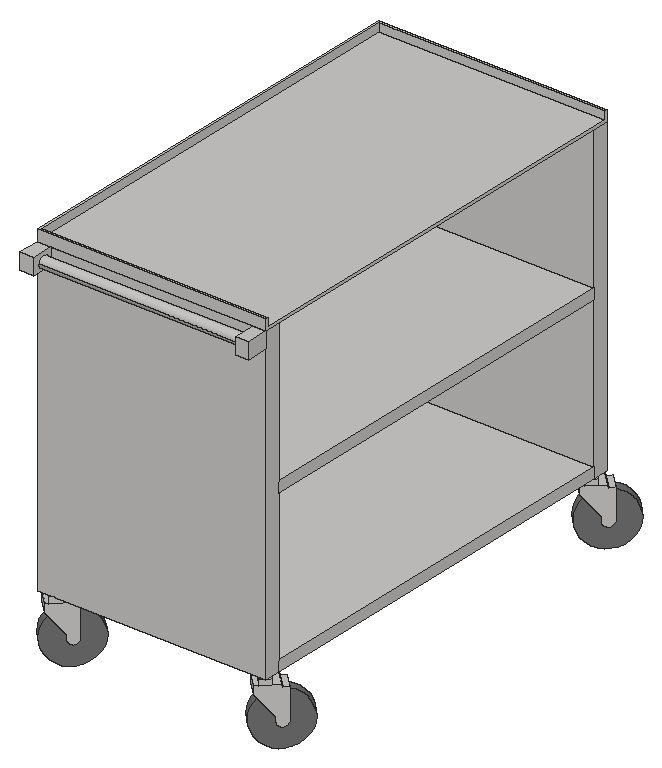
Revit family "QF_Vollrath_97182", category Specialty Equipment, Revit 2016
Family settings
  Part Type = Normal
  Round Connector Dimension = Use Diameter
  OmniClass Number = 23.40.40.14.17
  OmniClass Title = Food Cooking Equipment
  Work Plane-Based = No
  Always vertical = Yes
  Cut with Voids When Loaded = No
  Shared = No
  Room Calculation Point = No
Parameters (values of type "97182")
  Width [instance] = 21.00"
  Weight in Pounds = 75.35
  Watermarked By = "http://revitwatermark.com"
  URL Cutsheet = ""
  URL = ""
  Status [instance] = ""
  Specification by User [instance] = ""
  Specification by Manufacturer [instance] = ""
  Serial Number [instance] = ""
  Seismic Rating [instance] = ""
  Revision Code [instance] = ""
  NAFEM Spec ID Number [instance] = ""
  Model = "97181"
  Masterspec = ""
  Manufacturer = "Vollrath"
  Item Number [instance] = "-"
  Installed By [instance] = ""
  Identify Quantity as Lot [instance] = no
  Furnished By [instance] = ""
  Foodservice Equipment Identifier [instance] = yes
  Description = "Cart, Bussing"
  Depth [instance] = 39.25"
  CSI MasterFormat = "11 48 13"
  Assembly Code = "E1090320"
Reference planes (in)
  plane 1 "BACK": y = -5.12
  plane 2: z = 0
  plane 3 "LEFT": x = 0
  plane 4 "TOP": z = 35.77
  plane 5 "RIGHT": x = 21
  plane 6 "FRONT": y = -46.34
  plane 7: z = 6
  plane 8: z = 7
  plane 9: x = 1.5
  plane 10: y = -6.62
  plane 11: x = 19.5
  plane 12: y = -44.34
  plane 13: y = -25.73
  plane 14: z = 20.75
  plane 15: z = 34.77
  plane 16: y = -42.84
Forms (in)
  Extrusion 1, solid, material "QF_Finishes_Stainless Steel"
    sketch origin (0, 0, 16.75) x (-1, 0, 0) y (0, -1, 0)
      loop
        line (-21, 6.62) -> (-21, 5.12) -> (0, 5.12) -> (0, 44.34) -> (-21, 44.34) -> (-21, 42.84) -> (-1.5, 42.84) -> (-1.5, 6.62) -> (-21, 6.62)
    from -10.75 to 18.02
  Extrusion 2, solid, material "QF_Finishes_Stainless Steel"
    sketch origin (0, 0, 16.75) x (-1, 0, 0) y (0, -1, 0)
      loop
        line (-1.5, 6.62) -> (-1.5, 42.84) -> (-19.5, 42.84) -> (-21, 42.84) -> (-21, 6.62) -> (-19.5, 6.62) -> (-1.5, 6.62)
    from -10.75 to -9.75
  Extrusion 3, solid, material "QF_Finishes_Stainless Steel"
    sketch origin (0, -6.37, 0) x (0, 1, 0) y (0, 0, 1)
      loop
        line (-37.97, 33.27) -> (-37.97, 34.77) -> (-39.97, 34.77) -> (-39.97, 33.27) -> (-37.97, 33.27)
    from 0 to 1.27197
  Extrusion 4, solid, material "QF_Finishes_Stainless Steel"
    sketch origin (26.97803, -6.37, 0) x (0, 1, 0) y (0, 0, 1)
      loop
        line (-37.97, 33.27) -> (-37.97, 34.77) -> (-39.97, 34.77) -> (-39.97, 33.27) -> (-37.97, 33.27)
    from -7.08836 to -5.97803
  Extrusion 5, solid, material "QF_Finishes_Stainless Steel"
    sketch origin (0, -6.37, 0) x (0, 1, 0) y (0, 0, 1)
      loop
        circle (-38.94025, 34.00636) r 0.5
    from 1.27197 to 19.88967
  Extrusion 6, solid, material "QF_Finishes_Stainless Steel"
    sketch origin (0, 0, 31.5) x (-1, 0, 0) y (0, -1, 0)
      loop
        line (-1.5, 6.62) -> (-1.5, 42.84) -> (-19.5, 42.84) -> (-21, 42.84) -> (-21, 6.62) -> (-19.5, 6.62) -> (-1.5, 6.62)
    from -10.75 to -9.75
  Sweep 7, solid, material "QF_Finishes_Stainless Steel"
    path origin (0, 0, 0) x (1, 0, 0) y (0, 1, 0)
      loop
        line (21, -5.12) -> (0, -5.12) -> (0, -44.34) -> (21, -44.34)
    profile origin (10.5, -5.12, 0) x (0, -1, 0) y (0, 0, 1)
      loop
        line (1.5, 34.77) -> (1.5, 35.02) -> (0.25, 35.02) -> (0.25, 35.77) -> (0, 35.77) -> (0, 34.77) -> (1.5, 34.77)
  Extrusion 8, solid, material "QF_Finishes_Stainless Steel"
    sketch origin (0, 0, 16.75) x (-1, 0, 0) y (0, -1, 0)
      loop
        line (-1.5, 6.62) -> (-1.5, 42.84) -> (-21, 42.84) -> (-21, 6.62) -> (-1.5, 6.62)
    from 18.02 to 18.27
Cuts and joins
  joined: Sweep 7, Extrusion 8
Lines and regions (in)
  symbolic lines
    curve 1: line (0, -5.12, 16.75) -> (0, -44.34, 16.75)
    curve 2: line (21, -46.34, 16.75) -> (21, -5.12, 16.75)
    curve 3: line (0, -44.34, 16.75) -> (21, -44.34, 16.75)
    curve 4: line (21, -46.34, 16.75) -> (19.88967, -46.34, 16.75)
    curve 5: line (19.88967, -44.34, 16.75) -> (19.88967, -46.34, 16.75)
    curve 6: line (19.88967, -45.81025, 16.75) -> (1.27197, -45.81025, 16.75)
    curve 7: line (1.27197, -46.34, 16.75) -> (1.27197, -44.34, 16.75)
    curve 8: line (1.27197, -46.34, 16.75) -> (0, -46.34, 16.75)
    curve 9: line (0, -44.34, 16.75) -> (0, -46.34, 16.75)
    curve 10: line (1.27197, -44.84, 16.75) -> (19.88967, -44.84, 16.75)
    curve 11: line (21, -5.12, 16.75) -> (0, -5.12, 16.75)
Dimensions and locks (in)
  plane 4 "TOP" to level = 35.77"
  "Width": plane 3 "LEFT" to plane 5 "RIGHT"
  plane 10 to plane 1 "BACK" = 1.50"
  locked: plane 6 "FRONT" to plane 12 at 2
  plane 6 "FRONT" to plane 1 "BACK" = 41.22"
  equal spacing: plane 6 "FRONT", plane 13, plane 1 "BACK"
  plane 1 "BACK" to plane 6 "FRONT" = 41.22"
  plane 3 "LEFT" to plane 9 = 1.50"
  plane 11 to plane 5 "RIGHT" = 1.50"
  aligned and locked: level to plane 2
Automatic sketch dimensions
  Extrusion 2 sketch curve to plane 5 "RIGHT" = 0.00"
  plane 1 "BACK" to Extrusion 2 sketch curve = 1.50"
  Extrusion 2 sketch curve to plane 11 = 0.00"  (x4)
  Extrusion 2 sketch curve to plane 9 = 0.00"  (x2)
  plane 3 "LEFT" to Extrusion 2 sketch curve = 1.50"
  plane 10 to Extrusion 2 sketch curve = 0.00"  (x2)
  Extrusion 2 sketch curve to plane 12 = 1.50"  (x2)
  Extrusion 3 sketch curve to plane 6 "FRONT" = 0.00"
  Extrusion 3 sketch curve to plane 12 = 0.00"
  Extrusion 3 sketch curve to plane 4 "TOP" = 2.50"
  Extrusion 3 sketch curve to plane 4 "TOP" = 1.00"
  Extrusion 4 sketch curve to plane 6 "FRONT" = 0.00"
  Extrusion 4 sketch curve to plane 12 = 0.00"
  Extrusion 4 sketch curve to plane 4 "TOP" = 2.50"
  Extrusion 4 sketch curve to plane 4 "TOP" = 1.00"
  plane 12 to Extrusion 5 sketch curve = 0.97025"
  Extrusion 5 sketch curve to plane 4 "TOP" = 1.76364"
  Extrusion 6 sketch curve to plane 5 "RIGHT" = 0.00"
  plane 1 "BACK" to Extrusion 6 sketch curve = 1.50"
  Extrusion 6 sketch curve to plane 11 = 0.00"  (x4)
  Extrusion 6 sketch curve to plane 9 = 0.00"  (x2)
  plane 3 "LEFT" to Extrusion 6 sketch curve = 1.50"
  plane 10 to Extrusion 6 sketch curve = 0.00"  (x2)
  Extrusion 6 sketch curve to plane 12 = 1.50"  (x2)
  plane 1 "BACK" to Sweep 7 sketch curve = 0.00"
  Sweep 7 sketch curve to plane 3 "LEFT" = 0.00"
  Sweep 7 sketch curve to plane 5 "RIGHT" = 0.00"  (x2)
  plane 12 to Sweep 7 sketch curve = 0.00"
  Sweep 7 sketch curve to profile plane = 0.00"
  Sweep 7 sketch curve to Sweep 7 sketch curve = 0.25"  (x2)
  Sweep 7 sketch curve to Sweep 7 sketch curve = 1.25"
  level to Sweep 7 sketch curve = 34.77"
  Sweep 7 sketch curve to Sweep 7 sketch curve = 0.75"
  curve 4 to plane 5 "RIGHT" = 0.00"
  plane 6 "FRONT" to curve 5 = 0.00"
  plane 12 to curve 5 = 0.00"
  plane 6 "FRONT" to curve 8 = 0.00"
  curve 8 to plane 3 "LEFT" = 0.00"
  plane 11 to curve 5 = 0.38967"
  curve 8 to plane 9 = 0.22803"
  curve 7 to curve 10 = 0.50"
  curve 6 to plane 6 "FRONT" = 0.52975"
  Extrusion 8 sketch curve to plane 5 "RIGHT" = 0.00"
  Extrusion 8 sketch curve to plane 9 = 0.00"
  plane 10 to Extrusion 8 sketch curve = 0.00"
  Extrusion 8 sketch curve to plane 12 = 1.50"
  Extrusion 1 sketch curve to plane 5 "RIGHT" = 0.00"  (x2)
  Extrusion 1 sketch curve to plane 9 = 0.00"
  plane 1 "BACK" to Extrusion 1 sketch curve = 0.00"
  Extrusion 1 sketch curve to plane 3 "LEFT" = 0.00"
  plane 10 to Extrusion 1 sketch curve = 0.00"
  plane 12 to Extrusion 1 sketch curve = 0.00"
  Extrusion 1 sketch curve to plane 12 = 1.50"
  Extrusion 6 sketch curve to plane 16 = 0.00"
  Extrusion 2 sketch curve to plane 16 = 0.00"
  plane 1 "BACK" to curve 2 = 0.00"
  radius of Extrusion 5 sketch curve = 0.50"
Nested families (in)
  nested 1: "FESCaster" at (1, -6.12, 0), type "FESCaster"
    with Height 6.00", Caster Radius 2.50"
  nested 2: "FESCaster" at (20.25, -6.12, 0), type "FESCaster"
    with Height 6.00", Caster Radius 2.50"
  nested 3: "FESCaster" at (20.25, -43.59, 0), type "FESCaster"
    with Height 6.00", Caster Radius 2.50"
  nested 4: "FESCaster" at (1, -43.59, 0), type "FESCaster"
    with Height 6.00", Caster Radius 2.50"
Definition of nested family "FESCaster"
  Parameters
    Watermarked By = "http://revitwatermark.com"
    Type Comments = "⍁⍉⌁⌀⏭⎽⌇⍠⌜⍉⎖⌥⌦⌯⍭⏊⍻⍿⍊⏵⍊⏗⏠⍴⎡⌈⎀⍠⌓⌤⏘⎐⍀⌐⏬⏁⎈⏍⏦⎒⏬⌝⍩⍇⌣〈⎫〉⎁⏊⍥⍖⍥⍝⍦⌖⍀⏌⏭⎝⎼⏷⏞⍻⏯⎽⏷⏞⍻⏯⎽⏷⎺⌻⎝⍎⌧⏷⏟⏿⌿⍜⍦⍤⌁⍬⏶⏎⍊⏚⏉⎞⌡⎀⎪⏈⌟⌿⍾⍼⌟⌿⌢⌞⏞⏝⌻⎸⎻⎷⎳⎻⎛⌞⌼⏚⍿⏸⍨⏷⍡⍺⏼⏅⎏⌽⌻⍽⎝⍮⎧⍏⏳⏲⎼⏈⏋⏙⎏⏽⏘⍹⏞⌜⏼⍴⏶⏮⏿⌁"
    Height [instance] = 6.00"
    Caster Radius [instance] = if(Height < 3.00", 1.00", (Height / 2) - 0.50")  # 2.50"
    Assembly Code = ""
  Reference planes (in)
    plane 1 "Center (Front/Back)": y = 0
    plane 2: z = 0
    plane 3 "Center (Left/Right)": x = 0
    plane 4: z = 6
    plane 5: z = 5.5
  Forms (in)
    Extrusion 1, solid
      sketch origin (-24.12131, -22.88887, 10.18833) x (0.707107, 0.707107, 0) y (0, 0, 1)
        loop
          line (34.98772, -7.68833) -> (34.98772, -4.93833) -> (34.48772, -4.93833) -> (34.39402, -4.68833) -> (32.39402, -4.68833) -> (32.39402, -5.43833) -> (33.98772, -7.34206) -> (33.98772, -7.68833)
          arc (33.98772, -7.68833) -> (34.48772, -8.18833) -> (34.98772, -7.68833) r 0.5
      from 0 to 1.75
    Extrusion 2, solid
      sketch origin (-24.32327, -23.09083, 13.31461) x (0.707107, 0.707107, 0) y (0, 0, 1)
        loop
          circle (34.77334, -10.81461) r 2.5
      from 0.375 to 1.375
    Extrusion 3, solid
      sketch origin (-7.24148, -8.48391, 0) x (0.707107, 0.707107, 0) y (0, 0, 1)
        loop
          line (10.61603, 5.5) -> (11.61603, 5.5) -> (11.61603, 6) -> (10.61603, 6) -> (10.61603, 5.5)
      from 0 to -1.75
  Lines and regions (in)
    symbolic lines
      curve 1: line (-1.26158, -0.51911, 0) -> (1.39007, 2.13254, 0)
      curve 2: line (-0.53429, -1.24639, 0) -> (2.11736, 1.40526, 0)
      curve 3: line (-1.26158, -0.51911, 0) -> (1.39007, 2.13254, 0)
      curve 4: line (-0.53429, -1.24639, 0) -> (2.11736, 1.40526, 0)
  Dimensions and locks (in)
    locked: plane 4 to plane 5 at 0.5
    "Height": plane 4 to level
    "Caster Radius": Extrusion 2 sketch curve to level
    "Caster Radius": Extrusion 1 sketch curve to level
    "Caster Radius": radius of Extrusion 2 sketch curve
    aligned and locked: plane 2 to level
    aligned and locked: Extrusion 3 to plane 5
    aligned and locked: plane 4 to Extrusion 3
    aligned and locked: plane 5 to Extrusion 1
  Automatic sketch dimensions
    plane 1 "Center (Front/Back)" to curve 3 = 0.51911"
    curve 3 to plane 3 "Center (Left/Right)" = 1.26158"
    plane 1 "Center (Front/Back)" to curve 1 = 0.51911"
    curve 1 to curve 3 = 0.00"  (x3)
    curve 4 to plane 3 "Center (Left/Right)" = 0.53429"
    curve 2 to curve 4 = 0.00"  (x2)
    plane 3 "Center (Left/Right)" to curve 3 = 1.39007"
    curve 1 to curve 4 = 0.72729"
    curve 2 to curve 1 = 0.72729"
    curve 4 to curve 2 = 0.00"  (x2)
    curve 2 to plane 1 "Center (Front/Back)" = 1.40526"
    curve 2 to curve 3 = 0.72729"
    plane 5 to Extrusion 1 sketch curve = 0.00"
    Extrusion 1 sketch curve to Extrusion 1 sketch curve = 1.5937"
    Extrusion 1 sketch curve to Extrusion 1 sketch curve = 2.00"
    Extrusion 1 sketch curve to Extrusion 1 sketch curve = 0.0937"
    Extrusion 1 sketch curve to Extrusion 1 sketch curve = 0.50"
    Extrusion 1 sketch curve to Extrusion 1 sketch curve = 0.34627"
    Extrusion 1 sketch curve to plane 5 = 0.75"
    Extrusion 1 sketch curve to plane 5 = 0.25"
    Extrusion 3 sketch curve to plane 5 = 0.00"
    plane 4 to Extrusion 3 sketch curve = 0.00"
    Extrusion 3 sketch curve to Extrusion 3 sketch curve = 1.00"
